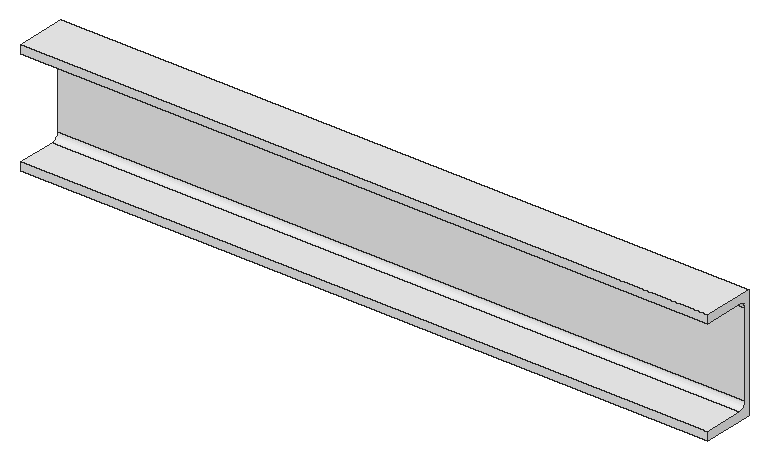
Revit family "GFP-Guia da flange paralela", category Quadro estrutural, Revit 2019
Family settings
  Arredondamento do comprimento do framing estrutural = 0 mm
  Forma do corte = Não definido
  Material para o comportamento do modelo = Aço
  Exportar sempre como geometria = Não
  Número OmniClass = 23.25.30.11.14.14
  Título OmniClass = Beams
  ID de item do Seek = PFC-Parallel Flange Channel-0000-CAN-ENU
  Sempre na vertical = Sim
  Corte com vazios quando carregada = Não
  Representação simbólica = Das configurações de projeto
  Compartilhado = Não
  Exibir o pré-corte da família na vista da planta = Sim
Parameters (values of type "200x90x30PFC")
  W = 0
  Structural Material [instance] = Aço, 45-345
  Assembly Code = ""
  Cy = 31.2 mm
  Ix = 2523
  Length [instance] = 1524 mm
  M = 30
  Zx = 252
  b = 90 mm
  h = 200 mm
  r = 12 mm
  s = 7 mm
  t = 14 mm
  A = 0.004 m²
Reference planes
  plane 1 "Centro (Frente/Trás)": y = 0
  plane 2: z = 0
  plane 3 "Centro (Esquerda/Direita)": x = 4.61
  plane 4 "Membro esquerdo": x = -604.99
  plane 5 "Membro direito": x = 614.21
  plane 6: y = 31.2
  plane 7: y = -58.8
  plane 8 "Superior": z = 100
  plane 9: z = -100
  plane 10 "Esquerda": x = -757.39
  plane 11 "Direita": x = 766.61
Forms (mm)
  Sweep 1, solid, material "Aço, 45-345" <- "Structural Material", detail levels medium
    path origin (0, 0, 0) x (1, 0, 0) y (0, 1, 0)
      loop
        line (614.21, 0) -> (-604.99, 0)
    profile "M_Guia paralela-Perfil-Médio : M_Guia paralela-Perfil-Médio" origin (4.61, 0, 0) x (0, -1, 0) y (0, 0, 1)
      loop
        line (-31.2, -100) -> (58.8, -100) -> (58.8, -86) -> (-24.2, -86) -> (-24.2, 86) -> (58.8, 86) -> (58.8, 100) -> (-31.2, 100) -> (-31.2, -100)
  Sweep 2, solid, material "Aço, 45-345" <- "Structural Material", detail levels fine
    path origin (0, 0, 0) x (1, 0, 0) y (0, 1, 0)
      loop
        line (614.21, 0) -> (-604.99, 0)
    profile "M_Guia paralela-Perfil-Alto : M_Guia paralela-Perfil-Alto" origin (4.61, 0, 0) x (0, -1, 0) y (0, 0, 1)
      loop
        line (-31.2, -100) -> (58.8, -100) -> (58.8, -86) -> (-12.2, -86)
        arc (-12.2, -86) -> (-20.685, -82.485) -> (-24.2, -74) r 12
        line (-24.2, -74) -> (-24.2, 74)
        arc (-24.2, 74) -> (-20.685, 82.485) -> (-12.2, 86) r 12
        line (-12.2, 86) -> (58.8, 86) -> (58.8, 100) -> (-31.2, 100) -> (-31.2, -100)
Lines and regions (mm)
  symbolic lines, style "Faces ocultas", detail levels medium+fine
    curve 1: line (-604.99, 0, 86) -> (614.21, 0, 86)
    curve 2: line (-604.99, 12.7, 0) -> (614.21, 12.7, 0)
  symbolic lines, style "Símbolos de vara", detail levels coarse
    curve 3: line (4.61, 31.2, 100) -> (4.61, -58.8, 100)
    curve 4: line (4.61, 31.2, -100) -> (4.61, 31.2, 100)
    curve 5: line (4.61, -58.8, -100) -> (4.61, 31.2, -100)
Dimensions and locks
  "b": plane 6 to plane 7
  "h": plane 9 to plane 8 "Superior"
  "Cy": plane 6 to plane 1 "Centro (Frente/Trás)"
  equal spacing: plane 9, plane 2, plane 8 "Superior"
  "Length": plane 10 "Esquerda" to plane 11 "Direita"
  aligned and locked: plane 4 "Membro esquerdo" to curve 1
  aligned and locked: plane 5 "Membro direito" to curve 1
  aligned and locked: Sweep 1 sketch curve to plane 1 "Centro (Frente/Trás)"
  aligned and locked: Sweep 2 sketch curve to plane 1 "Centro (Frente/Trás)"
  aligned and locked: curve 3 to Sweep 2
  aligned and locked: curve 4 to Sweep 2
  aligned and locked: Sweep 2 to curve 5
  aligned and locked: curve 5 to Sweep 2
  aligned and locked: Sweep 2 to curve 3
  aligned and locked: plane 4 "Membro esquerdo" to Sweep 2 sketch curve
  aligned and locked: plane 5 "Membro direito" to Sweep 2 sketch curve
  aligned and locked: plane 4 "Membro esquerdo" to Sweep 1 sketch curve
  aligned and locked: plane 5 "Membro direito" to Sweep 1 sketch curve
  aligned and locked: plane 4 "Membro esquerdo" to curve 2
  aligned and locked: plane 5 "Membro direito" to curve 2
Automatic sketch dimensions
  curve 2 to plane 1 "Centro (Frente/Trás)" = 12.7 mm
  plane 8 "Superior" to curve 1 = 14 mm
Types in the file's own list only (15): name | Cy | Ix | M | Zx | b | h | r | s | t | A
  430x100x64PFC | 26 mm | 21940 | 64 | 1020 | 100 mm | 430 mm | 15 mm | 11 mm | 19 mm | 0.01 m²
  380x100x54PFC | 28 mm | 15030 | 54 | 791 | 100 mm | 380 mm | 15 mm | 10 mm | 18 mm | 0.01 m²
  300x100x46PFC | 31 mm | 8229 | 46 | 549 | 100 mm | 300 mm | 15 mm | 9 mm | 17 mm | 0.01 m²
  300x90x41PFC | 26 mm | 7218 | 41 | 481 | 90 mm | 300 mm | 12 mm | 9 mm | 16 mm | 0.01 m²
  260x90x35PFC | 27 mm | 4728 | 35 | 364 | 90 mm | 260 mm | 12 mm | 8 mm | 14 mm | 0.00 m²
  260x75x28PFC | 21 mm | 3619 | 28 | 278 | 75 mm | 260 mm | 12 mm | 7 mm | 12 mm | 0.00 m²
  230x90x32PFC | 29 mm | 3518 | 32 | 306 | 90 mm | 230 mm | 12 mm | 8 mm | 14 mm | 0.00 m²
  230x75x26PFC | 23 mm | 2748 | 26 | 239 | 75 mm | 230 mm | 12 mm | 7 mm | 13 mm | 0.00 m²
  200x75x23PFC | 25 mm | 1963 | 23 | 196 | 75 mm | 200 mm | 12 mm | 6 mm | 13 mm | 0.00 m²
  180x90x26PFC | 32 mm | 1817 | 26 | 202 | 90 mm | 180 mm | 12 mm | 7 mm | 13 mm | 0.00 m²
  180x75x20PFC | 24 mm | 1370 | 20 | 152 | 75 mm | 180 mm | 12 mm | 6 mm | 11 mm | 0.00 m²
  150x90x24PFC | 33 mm | 1162 | 24 | 155 | 90 mm | 150 mm | 12 mm | 7 mm | 12 mm | 0.00 m²
  150x75x18PFC | 26 mm | 861 | 18 | 115 | 75 mm | 150 mm | 12 mm | 6 mm | 10 mm | 0.00 m²
  125x65x15PFC | 23 mm | 483 | 15 | 77.3 | 65 mm | 125 mm | 12 mm | 6 mm | 10 mm | 0.00 m²
  100x50x10PFC | 17 mm | 208 | 10 | 41.5 | 50 mm | 100 mm | 9 mm | 5 mm | 9 mm | 0.00 m²
